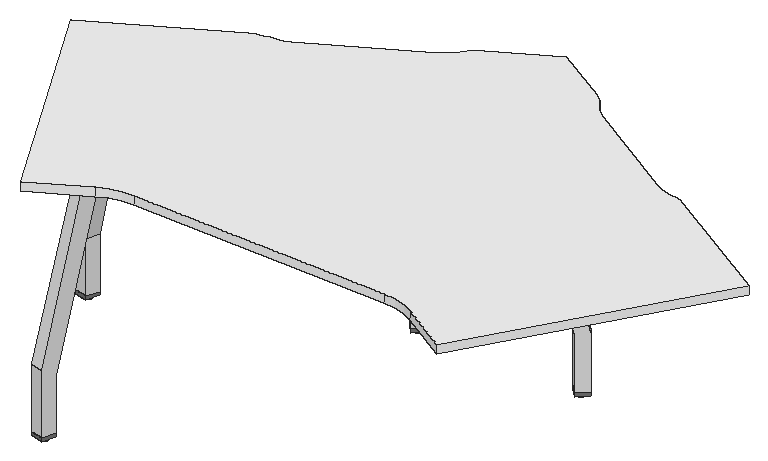
Revit family "Script Angled Leg 120 degree workstation 800 Deep Add on desk pack", category Furniture, Revit 2016
Family settings
  OmniClass Number = 23.40.20.00
  OmniClass Title = General Furniture and Specialties
  Work Plane-Based = No
  Always vertical = Yes
  Cut with Voids When Loaded = No
  Shared = No
  Room Calculation Point = No
Parameters
  URL = "www.gof.co.uk"
  Type Comments = ""
  Product Code = "XDY128A"
  Desktop = Gresham - White MFC
  Model = ""
  Manufacturer = "Gresham Office Furniture"  # constant formula
  Frame = Gresham - Silver Metal
  Foot = Gresham - Black Plastic
  Assembly Code = "E2020200"
Reference planes
  plane 1 "Center (Front/Back)": y = -58.397
  plane 2: z = 0
  plane 3 "Center (Left/Right)": x = 0
  plane 4 "Desktop Underside": z = 702
  plane 5 "Foot": z = 15
  plane 6: y = 588.013
  plane 7: y = -704.808
  plane 8: x = -1039.23
  plane 9: x = 1039.23
Forms (mm)
  Extrusion 1, solid, material "Gresham - White MFC" <- "Desktop"
    sketch origin (-74115.542, -33223.428, 702) x (-1, 0, 0) y (0, -1, 0)
      loop
        line (-74288.747, -33711.441) -> (-74115.542, -33811.441) -> (-73942.337, -33711.441)
        arc (-73942.337, -33711.441) -> (-73920.203, -33695.005) -> (-73902.405, -33673.952) r 120
        arc (-73902.405, -33673.952) -> (-73884.606, -33652.899) -> (-73862.472, -33636.463) r 120
        line (-73862.472, -33636.463) -> (-73553.567, -33458.117)
        arc (-73553.567, -33458.117) -> (-73528.267, -33447.166) -> (-73501.135, -33442.279) r 120
        arc (-73501.135, -33442.279) -> (-73474.003, -33437.391) -> (-73448.703, -33426.441) r 120
        line (-73448.703, -33426.441) -> (-73076.312, -33211.441) -> (-73476.312, -32518.62) -> (-73632.196, -32608.62)
        arc (-73632.196, -32608.62) -> (-73680.432, -32628.6) -> (-73732.196, -32635.415) r 200
        line (-73732.196, -32635.415) -> (-74498.888, -32635.415)
        arc (-74498.888, -32635.415) -> (-74550.652, -32628.6) -> (-74598.888, -32608.62) r 200
        line (-74598.888, -32608.62) -> (-74754.773, -32518.62) -> (-75154.773, -33211.441) -> (-74782.382, -33426.441)
        arc (-74782.382, -33426.441) -> (-74757.081, -33437.391) -> (-74729.949, -33442.279) r 120
        arc (-74729.949, -33442.279) -> (-74702.817, -33447.166) -> (-74677.517, -33458.117) r 120
        line (-74677.517, -33458.117) -> (-74368.612, -33636.463)
        arc (-74368.612, -33636.463) -> (-74346.478, -33652.899) -> (-74328.68, -33673.952) r 120
        arc (-74328.68, -33673.952) -> (-74310.881, -33695.005) -> (-74288.747, -33711.441) r 120
    from 0 to 25
  Extrusion 2, solid, material "Gresham - Silver Metal" <- "Frame"
    sketch origin (-492.82, -158.397, 702) x (-0.258819, -0.965926, 0) y (0, 0, 1)
      loop
        line (-20, -40) -> (347.814, -40) -> (475.685, -528.152) -> (475.685, -687) -> (515.685, -687) -> (515.685, -501.184) -> (384.4, 0) -> (-20, 0) -> (-20, -40)
    from -20 to 20
  Extrusion 3, solid, material "Gresham - Black Plastic" <- "Foot"
    sketch origin (-59.808, 91.603, 15) x (0.866025, 0.5, 0) y (-0.5, 0.866025, 0)
      loop
        line (-850.503, -378.787) -> (-822.218, -350.503) -> (-850.503, -322.218) -> (-878.787, -350.503) -> (-850.503, -378.787)
      loop
        line (-850.503, 378.787) -> (-878.787, 350.503) -> (-850.503, 322.218) -> (-822.218, 350.503) -> (-850.503, 378.787)
    from 0 to -10
  Extrusion 4, solid, material "Gresham - Black Plastic"
    sketch origin (-59.808, 91.603, 0) x (-0.866025, -0.5, 0) y (0.5, -0.866025, 0)
      loop
        circle (850.503, 350.503) r 15
      loop
        circle (850.503, -350.503) r 15
    from 0 to 5
  Extrusion 5, solid, material "Gresham - Silver Metal" <- "Frame"
    sketch origin (-1039.23, -11.987, 702) x (0.965926, -0.258819, 0) y (0, 0, 1)
      loop
        line (585.685, -40) -> (585.685, 0) -> (187, 0) -> (50, -523) -> (50, -687) -> (90, -687) -> (90, -528.152) -> (217.872, -40) -> (585.685, -40)
    from -20 to 20
  Extrusion 6, solid, material "Gresham - Silver Metal" <- "Frame"
    sketch origin (-300, 385.94, 702) x (0.707107, -0.707107, 0) y (0, 0, 1)
      loop
        line (444.264, -40) -> (444.264, 0) -> (187, 0) -> (50, -523) -> (50, -687) -> (90, -687) -> (90, -528.152) -> (217.872, -40) -> (444.264, -40)
    from -20 to 20
  Extrusion 7, solid, material "Gresham - Black Plastic" <- "Foot"
    sketch origin (0, -514.06, 15) x (0, -1, 0) y (1, 0, 0)
      loop
        line (-850.503, -278.787) -> (-822.218, -250.503) -> (-850.503, -222.218) -> (-878.787, -250.503) -> (-850.503, -278.787)
      loop
        line (-850.503, 278.787) -> (-878.787, 250.503) -> (-850.503, 222.218) -> (-822.218, 250.503) -> (-850.503, 278.787)
    from 0 to -10
  Extrusion 8, solid, material "Gresham - Black Plastic"
    sketch origin (0, -514.06, 0) x (0, 1, 0) y (-1, 0, 0)
      loop
        circle (850.503, 250.503) r 15
      loop
        circle (850.503, -250.503) r 15
    from 0 to 5
  Extrusion 9, solid, material "Gresham - Silver Metal" <- "Frame"
    sketch origin (300, 385.94, 702) x (-0.707107, -0.707107, 0) y (0, 0, 1)
      loop
        line (444.264, -40) -> (444.264, 0) -> (187, 0) -> (50, -523) -> (50, -687) -> (90, -687) -> (90, -528.152) -> (217.872, -40) -> (444.264, -40)
    from -20 to 20
Cuts and joins
  joined: Extrusion 2, Extrusion 5
  joined: Extrusion 6, Extrusion 9
Lines and regions (mm)
  reference lines
    curve 1: line (-1039.23, -11.987, 702) -> (-492.82, -158.397, 702)
    curve 2: line (-492.82, -158.397, 702) -> (-639.23, -704.808, 702)
    curve 3: line (300, 385.94, 702) -> (0, 85.94, 702)
    curve 4: line (-300, 385.94, 702) -> (0, 85.94, 702)
Dimensions and locks
  locked: plane 4 "Desktop Underside" to plane 2 at 702
  locked: plane 2 to plane 5 "Foot" at 15
  equal spacing: plane 7, plane 1 "Center (Front/Back)", plane 6
  locked: curve 4 to Extrusion 6 at 50
  locked: curve 3 to Extrusion 9 at 50
  locked: curve 1 to cut or joined group of Extrusion 2, Extrusion 5 at 50
  Extrusion 1 to Extrusion 1 = 1200 mm  (x2)
  Extrusion 1 to level = 727 mm
  aligned and locked: level to plane 2
Automatic sketch dimensions
  plane 7 to curve 2 = 0 mm
  plane 1 "Center (Front/Back)" to curve 1 = 100 mm
  curve 1 to plane 3 "Center (Left/Right)" = 492.82 mm
  curve 1 to curve 2 = 146.41 mm
  curve 1 to plane 1 "Center (Front/Back)" = 46.41 mm
  plane 7 to Extrusion 1 sketch curve = 0 mm  (x2)
  Extrusion 1 sketch curve to plane 3 "Center (Left/Right)" = 0 mm
  plane 6 to Extrusion 1 sketch curve = 0 mm
  plane 3 "Center (Left/Right)" to Extrusion 1 sketch curve = 113.205 mm
  Extrusion 1 sketch curve to Extrusion 1 sketch curve = 60 mm  (x6)
  Extrusion 1 sketch curve to Extrusion 1 sketch curve = 79.865 mm  (x2)
  plane 6 to Extrusion 1 sketch curve = 71.054 mm  (x2)
  plane 7 to Extrusion 1 sketch curve = 83.205 mm  (x2)
  plane 3 "Center (Left/Right)" to Extrusion 1 sketch curve = 383.346 mm
  Extrusion 1 sketch curve to plane 7 = 90 mm  (x2)
  Extrusion 1 sketch curve to Extrusion 1 sketch curve = 100 mm
  Extrusion 1 sketch curve to Extrusion 1 sketch curve = 308.905 mm  (x2)
  Extrusion 1 sketch curve to Extrusion 1 sketch curve = 44.865 mm  (x2)
  Extrusion 1 sketch curve to Extrusion 1 sketch curve = 155.885 mm  (x2)
  Extrusion 1 sketch curve to plane 1 "Center (Front/Back)" = 261.41 mm  (x2)
  Extrusion 1 sketch curve to Extrusion 1 sketch curve = 104.865 mm  (x2)
  Extrusion 1 sketch curve to plane 3 "Center (Left/Right)" = 113.205 mm
  Extrusion 1 sketch curve to plane 3 "Center (Left/Right)" = 383.346 mm
  plane 6 to Extrusion 1 sketch curve = 100 mm  (x2)
  Extrusion 1 sketch curve to Extrusion 1 sketch curve = 74.977 mm  (x2)
  Extrusion 1 sketch curve to Extrusion 1 sketch curve = 103.923 mm  (x4)
  Extrusion 1 sketch curve to Extrusion 1 sketch curve = 135.599 mm  (x2)
  Extrusion 1 sketch curve to Extrusion 1 sketch curve = 31.676 mm  (x2)
  curve 2 to Extrusion 2 sketch curve = 0 mm
  Extrusion 2 sketch curve to curve 2 = 20 mm
  curve 2 to Extrusion 2 sketch curve = 40 mm
  Extrusion 2 sketch curve to curve 2 = 217.872 mm
  Extrusion 2 sketch curve to Extrusion 2 sketch curve = 36.586 mm
  Extrusion 2 sketch curve to curve 2 = 90 mm
  Extrusion 2 sketch curve to Extrusion 2 sketch curve = 40 mm
  Extrusion 2 sketch curve to curve 2 = 501.184 mm
  Extrusion 2 sketch curve to Extrusion 2 sketch curve = 26.968 mm
  Extrusion 2 sketch curve to curve 2 = 687 mm
  plane 7 to Extrusion 3 sketch curve = 53.473 mm
  plane 3 "Center (Left/Right)" to Extrusion 3 sketch curve = 645.608 mm
  Extrusion 3 sketch curve to Extrusion 3 sketch curve = 0 mm
  Extrusion 3 sketch curve to Extrusion 3 sketch curve = 28.284 mm  (x6)
  Extrusion 3 sketch curve to Extrusion 3 sketch curve = 644.437 mm
  plane 1 "Center (Front/Back)" to Extrusion 4 sketch curve = 28.293 mm
  plane 3 "Center (Left/Right)" to Extrusion 4 sketch curve = 971.616 mm
  Extrusion 4 sketch curve to Extrusion 4 sketch curve = 0 mm
  Extrusion 4 sketch curve to Extrusion 4 sketch curve = 701.005 mm
  curve 1 to Extrusion 5 sketch curve = 0 mm
  curve 1 to Extrusion 5 sketch curve = 50 mm
  Extrusion 5 sketch curve to Extrusion 5 sketch curve = 40 mm
  curve 1 to Extrusion 5 sketch curve = 187 mm
  Extrusion 5 sketch curve to Extrusion 5 sketch curve = 30.872 mm
  curve 1 to Extrusion 5 sketch curve = 20 mm
  Extrusion 5 sketch curve to curve 1 = 40 mm
  Extrusion 5 sketch curve to curve 1 = 523 mm
  Extrusion 5 sketch curve to Extrusion 5 sketch curve = 5.152 mm
  Extrusion 5 sketch curve to curve 1 = 687 mm
  curve 4 to Extrusion 6 sketch curve = 0 mm
  curve 4 to Extrusion 6 sketch curve = 50 mm
  Extrusion 6 sketch curve to Extrusion 6 sketch curve = 40 mm
  curve 4 to Extrusion 6 sketch curve = 187 mm
  Extrusion 6 sketch curve to Extrusion 6 sketch curve = 30.872 mm
  curve 4 to Extrusion 6 sketch curve = 20 mm
  Extrusion 6 sketch curve to curve 4 = 40 mm
  Extrusion 6 sketch curve to curve 4 = 523 mm
  Extrusion 6 sketch curve to Extrusion 6 sketch curve = 5.152 mm
  Extrusion 6 sketch curve to curve 4 = 687 mm
  plane 6 to Extrusion 7 sketch curve = 223.286 mm  (x2)
  Extrusion 7 sketch curve to Extrusion 7 sketch curve = 28.284 mm  (x6)
  Extrusion 7 sketch curve to plane 3 "Center (Left/Right)" = 278.787 mm
  plane 3 "Center (Left/Right)" to Extrusion 7 sketch curve = 222.218 mm
  plane 6 to Extrusion 8 sketch curve = 251.57 mm  (x2)
  plane 3 "Center (Left/Right)" to Extrusion 8 sketch curve = 250.503 mm
  Extrusion 8 sketch curve to plane 3 "Center (Left/Right)" = 250.503 mm
  Extrusion 9 sketch curve to curve 3 = 0 mm
  curve 3 to Extrusion 9 sketch curve = 50 mm
  Extrusion 9 sketch curve to Extrusion 9 sketch curve = 40 mm
  curve 3 to Extrusion 9 sketch curve = 187 mm
  Extrusion 9 sketch curve to Extrusion 9 sketch curve = 30.872 mm
  curve 3 to Extrusion 9 sketch curve = 20 mm
  Extrusion 9 sketch curve to curve 3 = 40 mm
  Extrusion 9 sketch curve to curve 3 = 523 mm
  Extrusion 9 sketch curve to Extrusion 9 sketch curve = 5.152 mm
  Extrusion 9 sketch curve to curve 3 = 687 mm
  curve 4 to plane 3 "Center (Left/Right)" = 0 mm
  curve 4 to plane 1 "Center (Front/Back)" = 144.338 mm
  plane 3 "Center (Left/Right)" to curve 3 = 300 mm
  curve 4 to plane 3 "Center (Left/Right)" = 300 mm
  plane 6 to curve 3 = 202.073 mm
  radius of Extrusion 4 sketch curve = 15 mm  (x2)
  radius of Extrusion 8 sketch curve = 15 mm  (x2)
